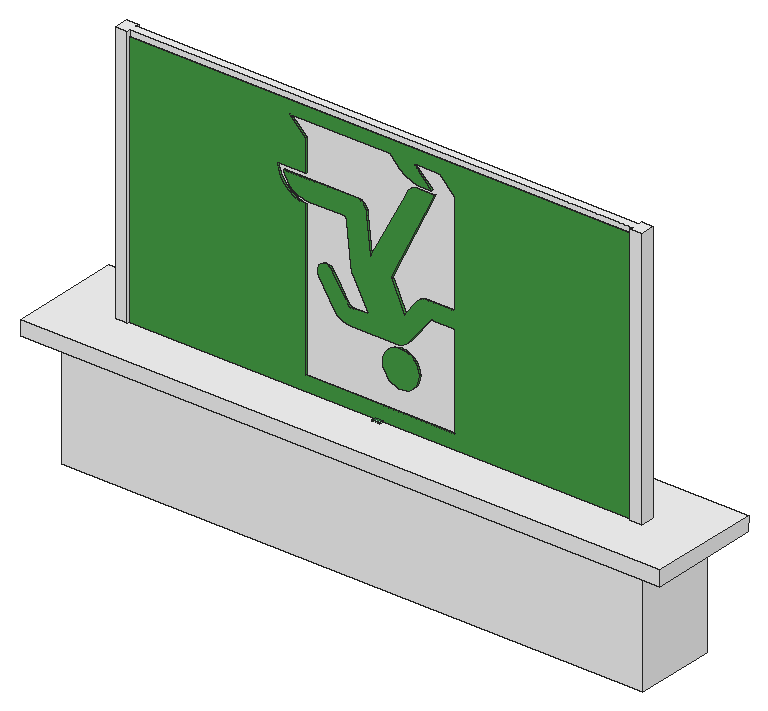
Revit family "Clevertronics_LUBPRO-D2-AUA01211530001", category Lighting Fixtures, host Face, Revit 2021
Family settings
  Host = Face
  Round Connector Dimension = Use Diameter
  Part Type = Normal
  Cut with Voids When Loaded = No
  Light Source = Yes
  Shared = No
  Room Calculation Point = No
Parameters (values of type "Runing Man Double Sided")
  Wattage = 60 W
  built-in parameter 1150110 = 1 (stored number, unit not read)
  built-in parameter 1150109 = 1 (stored number, unit not read)
  built-in parameter 1150134 = 4
  built-in parameter 1150113 = 1 (stored number, unit not read)
  Tilt Angle = -90.00°
  Straight line 'Face two' = yes
  Straight line 'Face one' = yes
  Runing Man common arrow = no
  Photometric Web File = ""
  built-in parameter 1150142 = "IESNA:LM-63-2002\r\n[TEST] Test Report No. LL21009\r\n[TESTLAB] LightLab International \r\n[ISSUEDATE] This file created: Tuesday, 22 May 2018 3:23:16 PM\r\n[MANUFAC] Clevertronics Pty. Ltd.,\r\n[MORE] Moorabbin. VIC 3189.\r\n[LUMCAT] CUBPRO\r\n[LUMINAIRE] Clevertronics LP Ultrablade Pro Rec LED Exit Sign 24m\r\n[MORE] This file also applies to same code with suffixes; -ZW, -HV, -DALI, -DATA\r\n[MORE] for recessed or surface, white or black housings. (Not for theatre)\r\n[MORE] Moulded plastic fascia and body with white finish, extent ~ 383 x 66 x 70 mm deep.\r\n[MORE] Clear diffuser with double sided “Running-Man and Arrow” pictogram forms luminous volume of 315\r\n[MORE] x 9 x 155 mm deep. One Clevertronics CT10602-D2 PCB centred ~ 15 mm above top of L/V.\r\n[MORE] One Clevertronics CUBPRO-CKIT 240VAC 50Hz electronic inverter.\r\n[MORE] Tested at 3.154 Vdc. For full details refer test report LL1812805T.\r\n[OTHER] Absolute test - lamp lumens value set to -1\r\n[MORE] CIE conventions used for C0 plane alignment and C-plane rotation direction.\r\n[MORE] The CUBPRO sample was tested at a distance of 8m.\r\n[MORE] This IES file created by LightLab/LSA Report program version 3.803a.\r\nTILT=NONE\r\n12 -1 1 361 5 1 2 0.315 0.009 0.155\r\n1 1 1.113\r\n0 0.5 1 1.5 2 2.5 3 3.5 4 4.5 5 5.5 6 6.5 7 7.5 8 8.5 9 9.5 10 10.5 11 11.5 12 12.5 13 13.5 14 14.5 15 15.5 16 16.5 17 17.5 18 18.5 19 19.5 20 20.5 21 21.5 22 22.5 23 23.5 24 24.5 25 25.5 26 26.5 27 27.5 28 28.5 29 29.5 30 30.5 31 31.5 32 32.5 33 33.5 34 \r\n34.5 35 35.5 36 36.5 37 37.5 38 38.5 39 39.5 40 40.5 41 41.5 42 42.5 43 43.5 44 44.5 45 45.5 46 46.5 47 47.5 48 48.5 49 49.5 50 50.5 51 51.5 52 52.5 53 53.5 54 54.5 55 55.5 56 56.5 57 57.5 58 58.5 59 59.5 60 60.5 61 61.5 62 62.5 63 63.5 64 64.5 65 65.5 66\r\n 66.5 67 67.5 68 68.5 69 69.5 70 70.5 71 71.5 72 72.5 73 73.5 74 74.5 75 75.5 76 76.5 77 77.5 78 78.5 79 79.5 80 80.5 81 81.5 82 82.5 83 83.5 84 84.5 85 85.5 86 86.5 87 87.5 88 88.5 89 89.5 90 90.5 91 91.5 92 92.5 93 93.5 94 94.5 95 95.5 96 96.5 97 97.5 \r\n98 98.5 99 99.5 100 100.5 101 101.5 102 102.5 103 103.5 104 104.5 105 105.5 106 106.5 107 107.5 108 108.5 109 109.5 110 110.5 111 111.5 112 112.5 113 113.5 114 114.5 115 115.5 116 116.5 117 117.5 118 118.5 119 119.5 120 120.5 121 121.5 122 122.5 123 123.5\r\n 124 124.5 125 125.5 126 126.5 127 127.5 128 128.5 129 129.5 130 130.5 131 131.5 132 132.5 133 133.5 134 134.5 135 135.5 136 136.5 137 137.5 138 138.5 139 139.5 140 140.5 141 141.5 142 142.5 143 143.5 144 144.5 145 145.5 146 146.5 147 147.5 148 148.5 149 \r\n149.5 150 150.5 151 151.5 152 152.5 153 153.5 154 154.5 155 155.5 156 156.5 157 157.5 158 158.5 159 159.5 160 160.5 161 161.5 162 162.5 163 163.5 164 164.5 165 165.5 166 166.5 167 167.5 168 168.5 169 169.5 170 170.5 171 171.5 172 172.5 173 173.5 174 174.5\r\n 175 175.5 176 176.5 177 177.5 178 178.5 179 179.5 180\r\n0 22.5 45 67.5 90\r\n9.78 9.72 9.75 9.76 9.78 9.77 9.86 9.78 9.78 9.80 9.60 9.82 9.81 9.78 9.72 9.83 9.70 9.72 9.62 9.64 9.56 9.68 9.60 9.56 9.55 9.56 9.47 9.47 9.46 9.43 9.37 9.35 9.33 9.27 9.21 9.24 9.19 9.28 9.20 9.10 9.09 9.06 9.04 9.11 8.99 9.02 8.89 8.96 8.87 8.87 8.88 \r\n8.84 8.90 8.84 8.83 8.81 8.76 8.69 8.72 8.69 8.68 8.68 8.61 8.46 8.47 8.41 8.36 8.45 8.32 8.25 8.17 8.12 7.98 7.78 7.92 7.80 7.59 7.50 7.48 7.26 7.31 7.18 7.07 6.90 6.84 6.66 6.56 6.48 6.49 6.34 6.21 6.15 5.95 5.94 5.94 5.90 5.74 5.69 5.55 5.48 5.51 5.38 \r\n5.30 5.28 5.05 5.06 5.09 5.06 4.86 4.86 4.76 4.68 4.67 4.71 4.48 4.44 4.48 4.45 4.22 4.24 4.16 4.16 4.11 4.04 3.99 3.90 3.91 3.89 3.84 3.80 3.82 3.79 3.80 3.70 3.74 3.73 3.66 3.68 3.60 3.64 3.56 3.37 3.45 3.41 3.37 3.40 3.33 3.24 3.31 3.32 3.23 3.17 3.03 \r\n3.13 3.08 3.07 2.97 2.99 2.88 2.84 2.76 2.76 2.74 2.71 2.68 2.71 2.53 2.65 2.65 2.59 2.57 2.50 2.40 2.38 2.47 2.47 2.46 2.41 2.51 2.42 2.43 2.42 2.41 2.32 2.36 2.44 2.41 2.32 2.32 2.34 2.33 2.34 2.34 2.35 2.42 2.27 2.32 2.29 2.34 2.21 2.26 2.29 2.22 2.28 \r\n2.25 2.18 2.15 2.29 2.18 2.16 2.08 2.10 2.11 2.21 2.04 2.13 2.15 2.09 2.08 2.07 1.99 2.05 2.07 1.92 1.97 1.96 1.94 1.95 1.88 1.84 1.95 1.90 1.92 1.86 1.85 1.88 1.78 1.79 1.89 1.77 1.73 1.86 1.70 1.65 1.71 1.71 1.60 1.70 1.59 1.59 1.59 1.57 1.56 1.63 1.65 \r\n1.53 1.53 1.53 1.49 1.46 1.42 1.46 1.43 1.41 1.34 1.31 1.29 1.37 1.36 1.36 1.29 1.23 1.24 1.29 1.12 1.19 1.10 1.11 1.07 1.01 1.09 1.01 1.03 1.07 1.06 0.98 0.93 0.90 0.81 0.76 0.77 0.67 0.71 0.76 0.61 0.52 0.65 0.64 0.61 0.58 0.48 0.45 0.48 0.39 0.37 0.23 \r\n0.19 0.11 0.13 0.13 0.11 0.10 0.00 0.07 0.00 0.07 0.15 0.06 0.01 0.00 0.06 0.04 0.10 0.13 0.02 0.10 0.09 0.11 0.06 0.09 0.08 0.02 0.08 0.00 0.05 0.03 0.08 0.10 0.01 0.03 0.05 0.00 0.00 0.00 0.00 0.00 0.00 0.00 0.00 0.00 0.00 0.00 0.00 0.00 0.00 0.00 0.00 \r\n0.00 0.00 0.00 0.00\r\n9.78 9.81 9.87 9.75 9.84 9.79 9.79 9.87 9.82 9.77 9.88 9.80 9.77 9.75 9.82 9.72 9.75 9.68 9.61 9.71 9.68 9.68 9.68 9.66 9.62 9.66 9.58 9.52 9.46 9.41 9.47 9.41 9.37 9.36 9.29 9.23 9.22 9.21 9.16 9.13 9.09 9.13 9.10 8.98 9.01 9.08 8.91 8.94 8.94 8.92 8.93 \r\n8.85 8.87 8.80 8.83 8.81 8.74 8.75 8.66 8.69 8.65 8.66 8.61 8.60 8.51 8.51 8.46 8.39 8.36 8.30 8.31 8.23 8.13 8.14 8.02 8.02 7.91 7.79 7.62 7.62 7.45 7.39 7.32 7.24 7.17 6.98 6.93 6.82 6.74 6.66 6.51 6.43 6.33 6.26 6.21 6.07 6.00 5.92 5.86 5.70 5.67 5.60 \r\n5.58 5.45 5.36 5.30 5.22 5.18 5.15 5.05 4.93 4.88 4.83 4.75 4.69 4.59 4.60 4.53 4.49 4.38 4.33 4.30 4.28 4.24 4.19 4.12 4.02 4.00 3.93 3.88 3.88 3.84 3.78 3.81 3.76 3.74 3.63 3.64 3.71 3.58 3.65 3.58 3.58 3.52 3.45 3.43 3.43 3.34 3.39 3.27 3.28 3.23 3.13 \r\n3.14 3.06 3.11 3.00 2.98 2.90 2.90 2.89 2.86 2.81 2.75 2.74 2.74 2.68 2.64 2.51 2.56 2.54 2.46 2.50 2.47 2.47 2.43 2.39 2.42 2.41 2.42 2.41 2.43 2.34 2.43 2.43 2.34 2.36 2.34 2.34 2.30 2.38 2.28 2.33 2.33 2.27 2.29 2.26 2.27 2.24 2.20 2.17 2.16 2.24 2.19 \r\n2.15 2.16 2.20 2.13 2.14 2.18 2.18 2.06 2.11 2.05 2.03 1.97 2.06 1.99 2.06 2.09 1.98 1.90 1.93 1.92 1.98 1.96 1.93 1.89 1.93 1.87 1.87 1.90 1.81 1.81 1.79 1.81 1.80 1.81 1.76 1.74 1.73 1.75 1.75 1.62 1.66 1.65 1.65 1.66 1.58 1.63 1.67 1.55 1.53 1.59 1.51 \r\n1.43 1.45 1.46 1.42 1.45 1.39 1.43 1.35 1.45 1.37 1.27 1.23 1.26 1.27 1.24 1.24 1.23 1.16 1.10 1.14 1.05 1.03 0.99 1.01 0.96 0.95 0.96 0.89 0.89 0.88 0.82 0.83 0.72 0.74 0.69 0.67 0.66 0.64 0.65 0.66 0.54 0.56 0.44 0.49 0.42 0.29 0.23 0.16 0.19 0.11 0.06 \r\n0.11 0.07 0.04 0.15 0.05 0.08 0.07 0.11 0.03 0.10 0.06 0.06 0.06 0.07 0.05 0.03 0.06 0.09 0.10 0.02 0.03 0.06 0.04 0.12 0.05 0.06 0.06 0.08 0.04 0.13 0.03 0.05 0.07 0.03 0.06 0.00 0.00 0.00 0.00 0.00 0.00 0.00 0.00 0.00 0.00 0.00 0.00 0.00 0.00 0.00 0.00 \r\n0.00 0.00 0.00 0.00\r\n9.78 9.71 9.76 9.69 9.78 9.77 9.75 9.76 9.86 9.72 9.73 9.73 9.70 9.71 9.72 9.63 9.58 9.68 9.68 9.69 9.58 9.63 9.58 9.57 9.49 9.53 9.50 9.45 9.45 9.43 9.39 9.32 9.34 9.30 9.22 9.24 9.23 9.22 9.19 9.12 9.10 9.06 9.08 8.96 8.96 8.88 8.82 8.83 8.76 8.77 8.71 \r\n8.70 8.63 8.63 8.56 8.47 8.46 8.42 8.39 8.38 8.36 8.34 8.32 8.30 8.26 8.23 8.11 8.14 8.13 8.14 8.03 8.03 7.92 7.96 7.91 7.81 7.84 7.73 7.75 7.66 7.62 7.53 7.51 7.48 7.41 7.30 7.25 7.11 7.15 7.05 6.92 6.90 6.75 6.62 6.52 6.50 6.38 6.29 6.24 6.14 6.06 5.86 \r\n5.80 5.77 5.66 5.57 5.50 5.44 5.31 5.31 5.16 5.12 5.02 4.97 4.85 4.81 4.80 4.68 4.56 4.58 4.49 4.48 4.34 4.29 4.36 4.21 4.14 4.16 3.96 3.98 3.94 3.87 3.72 3.76 3.66 3.67 3.62 3.59 3.50 3.47 3.53 3.41 3.37 3.36 3.26 3.30 3.22 3.21 3.14 3.15 3.12 3.03 2.99 \r\n2.95 2.99 2.94 2.92 2.81 2.74 2.79 2.69 2.70 2.63 2.61 2.53 2.51 2.50 2.52 2.43 2.43 2.41 2.37 2.26 2.27 2.33 2.27 2.21 2.27 2.32 2.20 2.21 2.20 2.17 2.12 2.15 2.14 2.17 2.12 2.06 2.07 2.10 2.12 2.08 2.07 2.00 2.06 2.06 2.04 2.04 1.93 2.02 1.94 1.96 1.95 \r\n1.93 1.98 1.93 1.90 1.96 1.90 1.85 1.86 1.91 1.85 1.80 1.81 1.81 1.81 1.79 1.80 1.79 1.73 1.76 1.71 1.72 1.69 1.71 1.62 1.61 1.66 1.63 1.68 1.60 1.57 1.58 1.48 1.53 1.59 1.52 1.56 1.50 1.47 1.42 1.49 1.45 1.39 1.35 1.36 1.40 1.31 1.27 1.29 1.24 1.20 1.21 \r\n1.23 1.17 1.15 1.13 1.06 1.04 0.99 1.00 1.03 1.01 0.96 0.93 0.90 0.81 0.81 0.81 0.80 0.81 0.73 0.74 0.77 0.70 0.65 0.58 0.57 0.54 0.57 0.47 0.48 0.46 0.40 0.34 0.26 0.29 0.23 0.21 0.17 0.14 0.14 0.07 0.08 0.05 0.03 0.10 0.01 0.08 0.06 0.03 0.07 0.07 0.09 \r\n0.07 0.10 0.04 0.05 0.11 0.02 0.03 0.07 0.03 0.07 0.07 0.10 0.04 0.07 0.08 0.05 0.01 0.05 0.06 0.12 0.04 0.09 0.09 0.03 0.04 0.04 0.06 0.08 0.05 0.04 0.13 0.07 0.07 0.11 0.04 0.00 0.00 0.00 0.00 0.00 0.00 0.00 0.00 0.00 0.00 0.00 0.00 0.00 0.00 0.00 0.00 \r\n0.00 0.00 0.00 0.00\r\n9.78 9.73 9.83 9.74 9.72 9.71 9.73 9.78 9.73 9.71 9.71 9.68 9.68 9.63 9.70 9.66 9.71 9.63 9.64 9.55 9.58 9.59 9.59 9.49 9.53 9.53 9.51 9.45 9.49 9.44 9.40 9.40 9.33 9.38 9.31 9.25 9.26 9.20 9.21 9.14 9.21 9.12 9.13 9.00 8.99 9.03 8.93 8.87 8.83 8.77 8.80 \r\n8.72 8.71 8.68 8.64 8.55 8.47 8.49 8.40 8.38 8.25 8.24 8.18 8.17 8.07 8.05 8.02 7.94 7.90 7.84 7.78 7.73 7.65 7.55 7.59 7.45 7.43 7.29 7.31 7.24 7.20 7.17 7.06 7.06 6.96 6.85 6.75 6.76 6.70 6.64 6.60 6.54 6.47 6.46 6.48 6.35 6.30 6.24 6.21 6.18 6.09 5.94 \r\n5.92 5.90 5.81 5.66 5.73 5.59 5.55 5.49 5.46 5.32 5.28 5.20 5.09 4.98 4.89 4.86 4.79 4.68 4.49 4.44 4.37 4.28 4.19 4.22 4.08 3.97 3.96 3.85 3.77 3.73 3.75 3.60 3.56 3.47 3.43 3.32 3.29 3.27 3.20 3.07 3.02 2.96 2.89 2.90 2.77 2.70 2.71 2.62 2.60 2.63 2.52 \r\n2.52 2.41 2.47 2.41 2.34 2.28 2.26 2.27 2.26 2.21 2.12 2.15 2.09 2.05 2.01 2.08 1.94 1.96 1.87 1.86 1.86 1.94 1.85 1.83 1.74 1.84 1.83 1.72 1.79 1.74 1.82 1.69 1.69 1.71 1.70 1.69 1.72 1.70 1.53 1.67 1.66 1.63 1.65 1.51 1.61 1.58 1.60 1.51 1.54 1.54 1.49 \r\n1.46 1.44 1.42 1.38 1.47 1.37 1.45 1.39 1.38 1.39 1.33 1.38 1.33 1.27 1.22 1.25 1.30 1.23 1.19 1.26 1.14 1.08 1.09 1.07 1.11 1.06 1.11 1.01 0.96 1.01 0.99 0.97 0.91 0.88 0.90 0.86 0.90 0.85 0.79 0.74 0.69 0.77 0.71 0.69 0.71 0.65 0.62 0.63 0.59 0.49 0.49 \r\n0.46 0.49 0.49 0.52 0.40 0.42 0.38 0.33 0.40 0.34 0.24 0.26 0.22 0.21 0.21 0.21 0.22 0.20 0.18 0.19 0.20 0.19 0.11 0.18 0.12 0.14 0.14 0.17 0.08 0.12 0.19 0.14 0.13 0.18 0.16 0.06 0.09 0.15 0.11 0.10 0.13 0.11 0.18 0.10 0.08 0.15 0.14 0.18 0.10 0.17 0.13 \r\n0.10 0.07 0.08 0.12 0.15 0.12 0.05 0.17 0.09 0.22 0.15 0.07 0.13 0.11 0.12 0.16 0.08 0.05 0.06 0.10 0.11 0.13 0.09 0.09 0.08 0.07 0.01 0.06 0.03 0.03 0.06 0.10 0.05 0.07 0.00 0.00 0.00 0.00 0.00 0.00 0.00 0.00 0.00 0.00 0.00 0.00 0.00 0.00 0.00 0.00 0.00 \r\n0.00 0.00 0.00 0.00\r\n9.78 9.67 9.72 9.78 9.77 9.73 9.68 9.70 9.67 9.68 9.63 9.73 9.52 9.73 9.66 9.71 9.54 9.52 9.50 9.52 9.57 9.61 9.52 9.48 9.41 9.46 9.42 9.39 9.35 9.38 9.33 9.38 9.30 9.36 9.35 9.16 9.12 9.15 9.08 9.04 9.02 9.01 8.91 8.98 8.95 8.93 8.77 8.81 8.69 8.76 8.68 \r\n8.73 8.65 8.65 8.60 8.38 8.53 8.39 8.32 8.28 8.27 8.22 8.21 8.10 7.93 7.99 7.84 7.87 7.79 7.67 7.64 7.57 7.58 7.52 7.44 7.31 7.27 7.24 7.16 7.11 7.02 6.91 6.89 6.77 6.79 6.72 6.61 6.55 6.53 6.40 6.26 6.26 6.23 6.08 6.05 5.96 5.87 5.80 5.74 5.70 5.62 5.54 \r\n5.46 5.40 5.35 5.27 5.15 5.02 5.02 4.93 4.95 4.80 4.66 4.66 4.58 4.49 4.41 4.34 4.34 4.12 4.11 4.01 3.96 3.86 3.89 3.81 3.72 3.70 3.60 3.50 3.42 3.27 3.16 3.21 3.12 3.11 2.95 2.81 2.88 2.81 2.71 2.69 2.60 2.46 2.49 2.39 2.39 2.32 2.25 2.11 2.10 2.03 1.99 \r\n1.92 1.84 1.86 1.71 1.75 1.70 1.64 1.55 1.58 1.56 1.46 1.32 1.34 1.36 1.27 1.31 1.37 1.24 1.15 1.22 1.21 1.20 1.09 1.13 1.22 1.12 1.13 1.05 1.12 1.10 1.03 1.02 0.99 1.12 1.13 1.04 1.05 1.03 1.06 1.08 1.03 1.07 0.98 0.94 1.02 0.96 0.93 0.90 1.04 0.98 0.91 \r\n0.97 0.92 1.06 0.88 0.92 0.91 0.94 0.97 0.93 0.95 0.96 0.86 1.01 0.86 0.91 0.94 0.92 0.89 0.91 0.83 0.88 0.86 0.83 0.92 0.88 0.80 0.79 0.79 0.84 0.80 0.86 0.70 0.77 0.81 0.74 0.92 0.76 0.72 0.75 0.72 0.80 0.75 0.74 0.71 0.78 0.77 0.82 0.65 0.74 0.71 0.69 \r\n0.71 0.58 0.74 0.69 0.75 0.57 0.70 0.62 0.63 0.59 0.53 0.62 0.60 0.67 0.62 0.63 0.62 0.61 0.52 0.53 0.55 0.58 0.53 0.57 0.55 0.46 0.54 0.50 0.55 0.44 0.48 0.43 0.52 0.35 0.46 0.42 0.43 0.54 0.39 0.43 0.36 0.38 0.37 0.36 0.37 0.34 0.34 0.27 0.26 0.26 0.36 \r\n0.28 0.22 0.21 0.23 0.18 0.17 0.19 0.18 0.24 0.21 0.23 0.14 0.17 0.11 0.19 0.06 0.16 0.10 0.12 0.05 0.09 0.08 0.13 0.15 0.09 0.04 0.06 0.01 0.11 0.07 0.20 0.00 0.09 0.02 0.02 0.00 0.00 0.00 0.00 0.00 0.00 0.00 0.00 0.00 0.00 0.00 0.00 0.00 0.00 0.00 0.00 \r\n0.00 0.00 0.00 0.00\r\n"
  Model = "LUBPRO-D2"  # constant formula
  Manufacturer = "Clevertronics"  # constant formula
  Description = "L10 Lithium Nanophosphate Ultrablade Pro Blade Exit, DALI-2"  # constant formula
  CreatedBy = ""
  Clevertronics_Width Base = 48 mm
  Clevertronics_Width = 8.7 mm
  Clevertronics_Weight = "1.1kg"  # constant formula
  Clevertronics_Viewing Distance = "24M"  # constant formula
  Clevertronics_Total Lumen Output = ""
  Clevertronics_Testing System = "DALI-2"  # constant formula
  Clevertronics_Testing Node = "8003062"  # constant formula
  Clevertronics_Replacement Lamp = "8002178"  # constant formula
  Clevertronics_Replacement Driver = "AUM01270570001"  # constant formula
  Clevertronics_Replacement Battery = "1530050"  # constant formula
  Clevertronics_Product Description = "L10 Lithium Nanophosphate Ultrablade Pro Blade Exit, DALI-2"  # constant formula
  Clevertronics_Power Consumption = "4.2 Watts (Standby), 3.8 Watts (Max)"  # constant formula
  Clevertronics_Other Modules = ""
  Clevertronics_Operating Voltage = "240V AC; 50Hz"  # constant formula
  Clevertronics_Operating Temperature = "1˚C to 40˚C\r"  # constant formula
  Clevertronics_Operating Mode = "Maintained"  # constant formula
  Clevertronics_Mounting = "Recessed ceiling\r"  # constant formula
  Clevertronics_Material = Clevertronics_Plastic
  Lumens = 855 lm
  built-in parameter 1114217 = 1 (stored number, unit not read)
  built-in parameter 1150115 = 1 (stored number, unit not read)
  built-in parameter 1150105 = 68.039 (stored number, unit not read)
  built-in parameter 1150137 = 1
  built-in parameter 1150139 = (empty or 0)
  built-in parameter 1150112 = 1 (stored number, unit not read)
  built-in parameter 1150114 = 1 (stored number, unit not read)
  Lamp = "12 x Duris E3 LED, 100,000 hours"  # constant formula
  built-in parameter 1150132 = (empty or 0)
  built-in parameter 1150102 = (empty or 0)
  built-in parameter 1150138 = (empty or 0)
  built-in parameter 1150107 = 2800 (stored number, unit not read)
  Indication Right 'Face one' = no
  Indication Right 'Face Two' = no
  Indication Left 'Face one' = no
  Indication Left 'Face Two' = no
  built-in parameter 1150106 = 0.68039 (stored number, unit not read)
  built-in parameter 1150104 = 1.3239 (stored number, unit not read)
  Dimming Lamp Color Temperature Shift = <None>
  Default Elevation = 1200 mm
  Color Filter = 16777215
  Clevertronics_Stacked Symbol Position [instance] = 1
  Clevertronics_MIC Number = "AUA01211530001"  # constant formula
  Clevertronics_Length Base = 385 mm  # constant formula
  Clevertronics_Length = 317 mm
  Clevertronics_Inverter / Charger = ""
  Clevertronics_IP Rating = "IP20\r"  # constant formula
  Clevertronics_IK Rating = ""
  Clevertronics_Height Base = 67 mm
  Clevertronics_Height = 157 mm
  Clevertronics_Dimensions Main Enclosure = "385mm x 67mm x 80mm (Cover Plate)"  # constant formula
  Clevertronics_Dimensions LED Enclosure = "317mm x 157mm x 8.7mm (Blade Assembly)"  # constant formula
  Clevertronics_Construction = "PC/ABS Body with PC Diffuser\r"  # constant formula
  Clevertronics_Charger Method = "Intelligent current limited constant voltage"  # constant formula
  Clevertronics_Battery Type = "Lithium Nanophosphate"  # constant formula
  Clevertronics_Battery = " 3.3V 2500mAh"  # constant formula
  Clevertronics_Annotation Vertical Offset [instance] = 0 mm
  Clevertronics_Annotation Size = 0 mm
  Clevertronics_Annotation Horizontal Offset [instance] = 0 mm
  Clevertronics_AS2293 Classification = "C0=E6.3 C90=E6.3\r"  # constant formula
  built-in parameter 1140040 [instance] = 1
  built-in parameter 1114218 = 1 (stored number, unit not read)
  built-in parameter 1150133 = 10 (stored number, unit not read)
  Assembly Code = ""
  Apparent Load = 3.7 VA
Reference planes
  plane 1 "Center (Front/Back)": y = 0
  plane 2: z = 0
  plane 3 "Center (Left/Right)": x = 0
Forms (mm)
  Extrusion 1, solid, material "Clevertronics_Plastic"
    sketch origin (0, 0.375, -141.1) x (0, -1, 0) y (1, 0, 0)
      loop
        line (-24, 175) -> (-24, -175) -> (24, -175) -> (24, 175) -> (-24, 175)
    from 74.1 to 141.1
  Extrusion 2, solid, material "Clevertronics_Plastic"
    sketch origin (0, 0.375, -67.9) x (0, -1, 0) y (1, 0, 0)
      loop
        line (-33.5, 192.5) -> (-33.5, -192.5) -> (33.5, -192.5) -> (33.5, 192.5) -> (-33.5, 192.5)
    from 67.9 to 76.6
  Extrusion 3, solid, material "Clevertronics_Plastic"
    sketch origin (0, 0.375, 96.2) x (0, -1, 0) y (1, 0, 0)
      loop
        line (-2.5, 151.5) -> (-2.5, -151.5) -> (-4.25, -151.5) -> (-4.25, -158.5) -> (4.25, -158.5) -> (4.25, -151.5) -> (2.5, -151.5) -> (2.5, 151.5) -> (4.35, 151.5) -> (4.35, 158.5) -> (-4.35, 158.5) -> (-4.35, 151.5) -> (-2.5, 151.5)
    from -90 to 69.5
  Extrusion 4, solid, material "Green Plastic", visible <- "Straight line 'Face two'"
    sketch origin (151.5, 2.875, 96.2) x (-1, 0, 0) y (0, 0, 1)
      loop
        line (305.25, 66.5) -> (-2.25, 66.5) -> (-2.25, -87.25) -> (305.25, -87.25) -> (305.25, 66.5)
      loop
        line (106.162, 49.302) -> (106.126, -12.443) -> (125.231, -12.443)
        arc (125.231, -12.443) -> (127.412, -13.982) -> (129.245, -15.923) r 13.397
        line (129.245, -15.923) -> (136.235, -24.987) -> (144.196, -7.515) -> (118.356, 45.427) -> (130.038, 45.427)
        arc (130.038, 45.427) -> (133.388, 43.57) -> (135.586, 40.434) r 8.525
        line (135.586, 40.434) -> (156.779, -0.433) -> (159.175, 20.553) -> (159.634, 22.717)
        arc (159.634, 22.717) -> (161.615, 26.131) -> (165.234, 27.707) r 6.331
        line (165.234, 27.707) -> (209.235, 27.707)
        arc (209.235, 27.707) -> (204.572, 19.164) -> (195.453, 15.762) r 13.923
        line (195.453, 15.762) -> (173.244, 15.762)
        arc (173.244, 15.762) -> (171.893, 14.517) -> (171.29, 12.782) r 3.773
        line (171.29, 12.782) -> (169.273, -9.93)
        arc (169.273, -9.93) -> (168.22, -13.23) -> (166.796, -16.387) r 30.217
        line (166.796, -16.387) -> (158.343, -32.585) -> (168.884, -32.585)
        arc (168.884, -32.585) -> (170.187, -31.97) -> (171.159, -30.907) r 3.731
        line (171.159, -30.907) -> (179.629, -16.985)
        arc (179.629, -16.985) -> (186.643, -15.277) -> (188.35, -22.29) r 5.104
        line (188.35, -22.29) -> (178.708, -38.137)
        arc (178.708, -38.137) -> (175.047, -41.333) -> (170.325, -42.485) r 10.257
        line (170.325, -42.485) -> (141.141, -42.485)
        arc (141.141, -42.485) -> (136.537, -41.213) -> (132.86, -38.164) r 11.376
        line (132.86, -38.164) -> (120.341, -22.256) -> (106.126, -22.256) -> (106.126, -78.657) -> (196.149, -78.657) -> (196.149, 13.501)
        arc (196.149, 13.501) -> (207.64, 18.891) -> (213.348, 30.228) r 19.42
        line (213.348, 30.228) -> (196.149, 30.228) -> (196.149, 49.593) -> (205.646, 58.818) -> (145.527, 58.818) -> (139.316, 52.627)
        arc (139.316, 52.627) -> (134.813, 49.336) -> (129.528, 47.551) r 18.338
        line (129.528, 47.551) -> (120.026, 47.551) -> (131.328, 58.517) -> (115.409, 58.517) -> (106.162, 49.302)
      loop
        circle (138.734, -55.32) r 11.018
    from 0 to 0.767
  Extrusion 5, solid, material "Green Plastic", visible <- "Straight line 'Face one'"
    sketch origin (-151.5, -2.125, 96.2) x (1, 0, 0) y (0, 0, 1)
      loop
        line (-2.25, 66.5) -> (-2.25, -87.5) -> (305.25, -87.5) -> (305.25, 66.5) -> (-2.25, 66.5)
      loop
        line (196.838, 49.302) -> (187.591, 58.517) -> (171.672, 58.517) -> (182.974, 47.551) -> (173.472, 47.551)
        arc (173.472, 47.551) -> (168.187, 49.336) -> (163.684, 52.627) r 18.338
        line (163.684, 52.627) -> (157.473, 58.818) -> (97.354, 58.818) -> (106.851, 49.593) -> (106.851, 30.228) -> (89.652, 30.228)
        arc (89.652, 30.228) -> (95.36, 18.891) -> (106.851, 13.501) r 19.42
        line (106.851, 13.501) -> (106.851, -78.657) -> (196.874, -78.657) -> (196.874, -22.256) -> (182.659, -22.256) -> (170.14, -38.164)
        arc (170.14, -38.164) -> (166.463, -41.213) -> (161.859, -42.485) r 11.376
        line (161.859, -42.485) -> (132.675, -42.485)
        arc (132.675, -42.485) -> (127.953, -41.333) -> (124.292, -38.137) r 10.257
        line (124.292, -38.137) -> (114.65, -22.29)
        arc (114.65, -22.29) -> (116.357, -15.277) -> (123.371, -16.985) r 5.104
        line (123.371, -16.985) -> (131.841, -30.907)
        arc (131.841, -30.907) -> (132.813, -31.97) -> (134.116, -32.585) r 3.731
        line (134.116, -32.585) -> (144.657, -32.585) -> (136.204, -16.387)
        arc (136.204, -16.387) -> (134.78, -13.23) -> (133.727, -9.93) r 30.217
        line (133.727, -9.93) -> (131.71, 12.782)
        arc (131.71, 12.782) -> (131.107, 14.517) -> (129.756, 15.762) r 3.773
        line (129.756, 15.762) -> (107.547, 15.762)
        arc (107.547, 15.762) -> (98.428, 19.164) -> (93.765, 27.707) r 13.923
        line (93.765, 27.707) -> (137.766, 27.707)
        arc (137.766, 27.707) -> (141.385, 26.131) -> (143.366, 22.717) r 6.331
        line (143.366, 22.717) -> (143.825, 20.553) -> (146.221, -0.433) -> (167.414, 40.434)
        arc (167.414, 40.434) -> (169.612, 43.57) -> (172.962, 45.427) r 8.525
        line (172.962, 45.427) -> (184.644, 45.427) -> (158.804, -7.515) -> (166.765, -24.987) -> (173.755, -15.923)
        arc (173.755, -15.923) -> (175.588, -13.982) -> (177.769, -12.443) r 13.397
        line (177.769, -12.443) -> (196.874, -12.443) -> (196.838, 49.302)
      loop
        circle (164.266, -55.32) r 11.018
    from 0 to 0.767
  Extrusion 6, solid, material "Green Plastic", visible <- "Indication Left 'Face one'"
    sketch origin (-151.5, -2.125, 96.2) x (1, 0, 0) y (0, 0, 1)
      loop
        line (-3.5, 66.5) -> (-3.5, -87.5) -> (304, -87.5) -> (304, 66.5) -> (-3.5, 66.5)
      loop
        line (130.588, 49.302) -> (121.341, 58.517) -> (105.422, 58.517) -> (116.724, 47.551) -> (107.222, 47.551)
        arc (107.222, 47.551) -> (101.937, 49.336) -> (97.434, 52.627) r 18.338
        line (97.434, 52.627) -> (91.223, 58.818) -> (31.104, 58.818) -> (40.601, 49.593) -> (40.601, 30.228) -> (23.402, 30.228)
        arc (23.402, 30.228) -> (29.11, 18.891) -> (40.601, 13.501) r 19.42
        line (40.601, 13.501) -> (40.601, -78.657) -> (130.624, -78.657) -> (130.624, -22.256) -> (116.409, -22.256) -> (103.89, -38.164)
        arc (103.89, -38.164) -> (100.213, -41.213) -> (95.609, -42.485) r 11.376
        line (95.609, -42.485) -> (66.425, -42.485)
        arc (66.425, -42.485) -> (61.703, -41.333) -> (58.042, -38.137) r 10.257
        line (58.042, -38.137) -> (48.4, -22.29)
        arc (48.4, -22.29) -> (50.107, -15.277) -> (57.121, -16.985) r 5.104
        line (57.121, -16.985) -> (65.591, -30.907)
        arc (65.591, -30.907) -> (66.563, -31.97) -> (67.866, -32.585) r 3.731
        line (67.866, -32.585) -> (78.407, -32.585) -> (69.954, -16.387)
        arc (69.954, -16.387) -> (68.53, -13.23) -> (67.477, -9.93) r 30.217
        line (67.477, -9.93) -> (65.46, 12.782)
        arc (65.46, 12.782) -> (64.857, 14.517) -> (63.506, 15.762) r 3.773
        line (63.506, 15.762) -> (41.297, 15.762)
        arc (41.297, 15.762) -> (32.178, 19.164) -> (27.515, 27.707) r 13.923
        line (27.515, 27.707) -> (71.516, 27.707)
        arc (71.516, 27.707) -> (75.135, 26.131) -> (77.116, 22.717) r 6.331
        line (77.116, 22.717) -> (77.575, 20.553) -> (79.971, -0.433) -> (101.164, 40.434)
        arc (101.164, 40.434) -> (103.362, 43.57) -> (106.712, 45.427) r 8.525
        line (106.712, 45.427) -> (118.394, 45.427) -> (92.554, -7.515) -> (100.515, -24.987) -> (107.505, -15.923)
        arc (107.505, -15.923) -> (109.338, -13.982) -> (111.519, -12.443) r 13.397
        line (111.519, -12.443) -> (130.624, -12.443) -> (130.588, 49.302)
      loop
        circle (98.016, -55.32) r 11.018
      loop
        line (168.473, -15) -> (168.473, -27.5) -> (234.339, -27.5) -> (210.188, -55.283) -> (237.688, -55.283) -> (272.706, -15) -> (237.688, 25.283) -> (210.188, 25.283) -> (234.339, -2.5) -> (168.473, -2.5) -> (168.473, -15)
    from 0 to 0.767
  Extrusion 7, solid, material "Green Plastic", visible <- "Indication Right 'Face one'"
    sketch origin (-151.5, -2.125, 96.2) x (1, 0, 0) y (0, 0, 1)
      loop
        line (305.25, 66.5) -> (-2.25, 66.5) -> (-2.25, -87.5) -> (305.25, -87.5) -> (305.25, 66.5)
      loop
        line (171.162, 49.302) -> (171.126, -12.443) -> (190.231, -12.443)
        arc (190.231, -12.443) -> (192.412, -13.982) -> (194.245, -15.923) r 13.397
        line (194.245, -15.923) -> (201.235, -24.987) -> (209.196, -7.515) -> (183.356, 45.427) -> (195.038, 45.427)
        arc (195.038, 45.427) -> (198.388, 43.57) -> (200.586, 40.434) r 8.525
        line (200.586, 40.434) -> (221.779, -0.433) -> (224.175, 20.553) -> (224.634, 22.717)
        arc (224.634, 22.717) -> (226.615, 26.131) -> (230.234, 27.707) r 6.331
        line (230.234, 27.707) -> (274.235, 27.707)
        arc (274.235, 27.707) -> (269.572, 19.164) -> (260.453, 15.762) r 13.923
        line (260.453, 15.762) -> (238.244, 15.762)
        arc (238.244, 15.762) -> (236.893, 14.517) -> (236.29, 12.782) r 3.773
        line (236.29, 12.782) -> (234.273, -9.93)
        arc (234.273, -9.93) -> (233.22, -13.23) -> (231.796, -16.387) r 30.217
        line (231.796, -16.387) -> (223.343, -32.585) -> (233.884, -32.585)
        arc (233.884, -32.585) -> (235.187, -31.97) -> (236.159, -30.907) r 3.731
        line (236.159, -30.907) -> (244.629, -16.985)
        arc (244.629, -16.985) -> (251.643, -15.277) -> (253.35, -22.29) r 5.104
        line (253.35, -22.29) -> (243.708, -38.137)
        arc (243.708, -38.137) -> (240.047, -41.333) -> (235.325, -42.485) r 10.257
        line (235.325, -42.485) -> (206.141, -42.485)
        arc (206.141, -42.485) -> (201.537, -41.213) -> (197.86, -38.164) r 11.376
        line (197.86, -38.164) -> (185.341, -22.256) -> (171.126, -22.256) -> (171.126, -78.657) -> (261.149, -78.657) -> (261.149, 13.501)
        arc (261.149, 13.501) -> (272.64, 18.891) -> (278.348, 30.228) r 19.42
        line (278.348, 30.228) -> (261.149, 30.228) -> (261.149, 49.593) -> (270.646, 58.818) -> (210.527, 58.818) -> (204.316, 52.627)
        arc (204.316, 52.627) -> (199.813, 49.336) -> (194.528, 47.551) r 18.338
        line (194.528, 47.551) -> (185.026, 47.551) -> (196.328, 58.517) -> (180.409, 58.517) -> (171.162, 49.302)
      loop
        circle (203.734, -55.32) r 11.018
      loop
        line (133.277, -15) -> (133.277, -2.5) -> (67.411, -2.5) -> (91.562, 25.283) -> (64.062, 25.283) -> (29.044, -15) -> (64.062, -55.283) -> (91.562, -55.283) -> (67.411, -27.5) -> (133.277, -27.5) -> (133.277, -15)
    from 0 to 0.767
  Extrusion 8, solid, material "Clevertronics_Plastic", not visible, detail levels fine
    sketch origin (0, 0.375, 1536.329) x (-1, 0, 0) y (0, -1, 0)
      loop
        line (175, -24) -> (175, 24) -> (-175, 24) -> (-175, -24) -> (175, -24)
    from 74.1 to 139.1
  Extrusion 9, solid, material "Clevertronics_Plastic", not visible, detail levels fine
    sketch origin (0, 0.375, 1533.829) x (-1, 0, 0) y (0, -1, 0)
      loop
        line (192.5, -33.5) -> (192.5, 33.5) -> (-192.5, 33.5) -> (-192.5, -33.5) -> (192.5, -33.5)
    from 67.9 to 76.6
  Extrusion 10, solid, material "Clevertronics_Plastic", not visible, detail levels fine
    sketch origin (0, 0.375, 1534.729) x (-1, 0, 0) y (0, -1, 0)
      loop
        line (151.5, -2.5) -> (151.5, -4.35) -> (158.5, -4.35) -> (158.5, 4.35) -> (151.5, 4.35) -> (151.5, 2.5) -> (-151.5, 2.5) -> (-151.5, 4.25) -> (-158.5, 4.25) -> (-158.5, -4.25) -> (-151.5, -4.25) -> (-151.5, -2.5) -> (151.5, -2.5)
    from -90 to 69.5
  Extrusion 11, solid, material "Green Plastic", visible <- "Straight line 'Face two'", not visible, detail levels fine
    sketch origin (-151.5, 2.875, 1534.729) x (1, 0, 0) y (0, 0, -1)
      loop
        line (305.25, 81.5) -> (-2.25, 81.5) -> (-2.25, -78.5) -> (305.25, -78.5) -> (305.25, 81.5)
      loop
        line (106.162, 64.302) -> (106.126, 2.557) -> (125.231, 2.557)
        arc (125.231, 2.557) -> (127.412, 1.018) -> (129.245, -0.923) r 13.397
        line (129.245, -0.923) -> (136.235, -9.987) -> (144.196, 7.485) -> (118.356, 60.427) -> (130.038, 60.427)
        arc (130.038, 60.427) -> (133.388, 58.57) -> (135.586, 55.434) r 8.525
        line (135.586, 55.434) -> (156.779, 14.567) -> (159.175, 35.553) -> (159.634, 37.717)
        arc (159.634, 37.717) -> (161.615, 41.131) -> (165.234, 42.707) r 6.331
        line (165.234, 42.707) -> (209.235, 42.707)
        arc (209.235, 42.707) -> (204.572, 34.164) -> (195.453, 30.762) r 13.923
        line (195.453, 30.762) -> (173.244, 30.762)
        arc (173.244, 30.762) -> (171.893, 29.517) -> (171.29, 27.782) r 3.773
        line (171.29, 27.782) -> (169.273, 5.07)
        arc (169.273, 5.07) -> (168.22, 1.77) -> (166.796, -1.387) r 30.217
        line (166.796, -1.387) -> (158.343, -17.585) -> (168.884, -17.585)
        arc (168.884, -17.585) -> (170.187, -16.97) -> (171.159, -15.907) r 3.731
        line (171.159, -15.907) -> (179.629, -1.985)
        arc (179.629, -1.985) -> (186.643, -0.277) -> (188.35, -7.29) r 5.104
        line (188.35, -7.29) -> (178.708, -23.137)
        arc (178.708, -23.137) -> (175.047, -26.333) -> (170.325, -27.485) r 10.257
        line (170.325, -27.485) -> (141.141, -27.485)
        arc (141.141, -27.485) -> (136.537, -26.213) -> (132.86, -23.164) r 11.376
        line (132.86, -23.164) -> (120.341, -7.256) -> (106.126, -7.256) -> (106.126, -63.657) -> (196.149, -63.657) -> (196.149, 28.501)
        arc (196.149, 28.501) -> (207.64, 33.891) -> (213.348, 45.228) r 19.42
        line (213.348, 45.228) -> (196.149, 45.228) -> (196.149, 64.593) -> (205.646, 73.818) -> (145.527, 73.818) -> (139.316, 67.627)
        arc (139.316, 67.627) -> (134.813, 64.336) -> (129.528, 62.551) r 18.338
        line (129.528, 62.551) -> (120.026, 62.551) -> (131.328, 73.517) -> (115.409, 73.517) -> (106.162, 64.302)
      loop
        circle (138.734, -40.32) r 11.018
    from 0 to 0.767
  Extrusion 12, solid, material "Green Plastic", visible <- "Straight line 'Face one'", not visible, detail levels fine
    sketch origin (151.5, -2.125, 1534.729) x (-1, 0, 0) y (0, 0, -1)
      loop
        line (-2.25, 81.5) -> (-2.25, -78.5) -> (305.25, -78.5) -> (305.25, 81.5) -> (-2.25, 81.5)
      loop
        line (196.838, 64.302) -> (187.591, 73.517) -> (171.672, 73.517) -> (182.974, 62.551) -> (173.472, 62.551)
        arc (173.472, 62.551) -> (168.187, 64.336) -> (163.684, 67.627) r 18.338
        line (163.684, 67.627) -> (157.473, 73.818) -> (97.354, 73.818) -> (106.851, 64.593) -> (106.851, 45.228) -> (89.652, 45.228)
        arc (89.652, 45.228) -> (95.36, 33.891) -> (106.851, 28.501) r 19.42
        line (106.851, 28.501) -> (106.851, -63.657) -> (196.874, -63.657) -> (196.874, -7.256) -> (182.659, -7.256) -> (170.14, -23.164)
        arc (170.14, -23.164) -> (166.463, -26.213) -> (161.859, -27.485) r 11.376
        line (161.859, -27.485) -> (132.675, -27.485)
        arc (132.675, -27.485) -> (127.953, -26.333) -> (124.292, -23.137) r 10.257
        line (124.292, -23.137) -> (114.65, -7.29)
        arc (114.65, -7.29) -> (116.357, -0.277) -> (123.371, -1.985) r 5.104
        line (123.371, -1.985) -> (131.841, -15.907)
        arc (131.841, -15.907) -> (132.813, -16.97) -> (134.116, -17.585) r 3.731
        line (134.116, -17.585) -> (144.657, -17.585) -> (136.204, -1.387)
        arc (136.204, -1.387) -> (134.78, 1.77) -> (133.727, 5.07) r 30.217
        line (133.727, 5.07) -> (131.71, 27.782)
        arc (131.71, 27.782) -> (131.107, 29.517) -> (129.756, 30.762) r 3.773
        line (129.756, 30.762) -> (107.547, 30.762)
        arc (107.547, 30.762) -> (98.428, 34.164) -> (93.765, 42.707) r 13.923
        line (93.765, 42.707) -> (137.766, 42.707)
        arc (137.766, 42.707) -> (141.385, 41.131) -> (143.366, 37.717) r 6.331
        line (143.366, 37.717) -> (143.825, 35.553) -> (146.221, 14.567) -> (167.414, 55.434)
        arc (167.414, 55.434) -> (169.612, 58.57) -> (172.962, 60.427) r 8.525
        line (172.962, 60.427) -> (184.644, 60.427) -> (158.804, 7.485) -> (166.765, -9.987) -> (173.755, -0.923)
        arc (173.755, -0.923) -> (175.588, 1.018) -> (177.769, 2.557) r 13.397
        line (177.769, 2.557) -> (196.874, 2.557) -> (196.838, 64.302)
      loop
        circle (164.266, -40.32) r 11.018
    from 0 to 0.767
  Extrusion 13, solid, material "Green Plastic", visible <- "Indication Left 'Face one'", not visible, detail levels fine
    sketch origin (151.5, -2.125, 1534.729) x (-1, 0, 0) y (0, 0, -1)
      loop
        line (-3.5, 81.5) -> (-3.5, -78.5) -> (304, -78.5) -> (304, 81.5) -> (-3.5, 81.5)
      loop
        line (130.588, 64.302) -> (121.341, 73.517) -> (105.422, 73.517) -> (116.724, 62.551) -> (107.222, 62.551)
        arc (107.222, 62.551) -> (101.937, 64.336) -> (97.434, 67.627) r 18.338
        line (97.434, 67.627) -> (91.223, 73.818) -> (31.104, 73.818) -> (40.601, 64.593) -> (40.601, 45.228) -> (23.402, 45.228)
        arc (23.402, 45.228) -> (29.11, 33.891) -> (40.601, 28.501) r 19.42
        line (40.601, 28.501) -> (40.601, -63.657) -> (130.624, -63.657) -> (130.624, -7.256) -> (116.409, -7.256) -> (103.89, -23.164)
        arc (103.89, -23.164) -> (100.213, -26.213) -> (95.609, -27.485) r 11.376
        line (95.609, -27.485) -> (66.425, -27.485)
        arc (66.425, -27.485) -> (61.703, -26.333) -> (58.042, -23.137) r 10.257
        line (58.042, -23.137) -> (48.4, -7.29)
        arc (48.4, -7.29) -> (50.107, -0.277) -> (57.121, -1.985) r 5.104
        line (57.121, -1.985) -> (65.591, -15.907)
        arc (65.591, -15.907) -> (66.563, -16.97) -> (67.866, -17.585) r 3.731
        line (67.866, -17.585) -> (78.407, -17.585) -> (69.954, -1.387)
        arc (69.954, -1.387) -> (68.53, 1.77) -> (67.477, 5.07) r 30.217
        line (67.477, 5.07) -> (65.46, 27.782)
        arc (65.46, 27.782) -> (64.857, 29.517) -> (63.506, 30.762) r 3.773
        line (63.506, 30.762) -> (41.297, 30.762)
        arc (41.297, 30.762) -> (32.178, 34.164) -> (27.515, 42.707) r 13.923
        line (27.515, 42.707) -> (71.516, 42.707)
        arc (71.516, 42.707) -> (75.135, 41.131) -> (77.116, 37.717) r 6.331
        line (77.116, 37.717) -> (77.575, 35.553) -> (79.971, 14.567) -> (101.164, 55.434)
        arc (101.164, 55.434) -> (103.362, 58.57) -> (106.712, 60.427) r 8.525
        line (106.712, 60.427) -> (118.394, 60.427) -> (92.554, 7.485) -> (100.515, -9.987) -> (107.505, -0.923)
        arc (107.505, -0.923) -> (109.338, 1.018) -> (111.519, 2.557) r 13.397
        line (111.519, 2.557) -> (130.624, 2.557) -> (130.588, 64.302)
      loop
        circle (98.016, -40.32) r 11.018
      loop
        line (168.473, 0) -> (168.473, -12.5) -> (234.339, -12.5) -> (210.188, -40.283) -> (237.688, -40.283) -> (272.706, 0) -> (237.688, 40.283) -> (210.188, 40.283) -> (234.339, 12.5) -> (168.473, 12.5) -> (168.473, 0)
    from 0 to 0.767
  Extrusion 14, solid, material "Green Plastic", visible <- "Indication Right 'Face one'", not visible, detail levels fine
    sketch origin (151.5, -2.125, 1534.729) x (-1, 0, 0) y (0, 0, -1)
      loop
        line (305.25, 81.5) -> (-2.25, 81.5) -> (-2.25, -78.5) -> (305.25, -78.5) -> (305.25, 81.5)
      loop
        line (171.162, 64.302) -> (171.126, 2.557) -> (190.231, 2.557)
        arc (190.231, 2.557) -> (192.412, 1.018) -> (194.245, -0.923) r 13.397
        line (194.245, -0.923) -> (201.235, -9.987) -> (209.196, 7.485) -> (183.356, 60.427) -> (195.038, 60.427)
        arc (195.038, 60.427) -> (198.388, 58.57) -> (200.586, 55.434) r 8.525
        line (200.586, 55.434) -> (221.779, 14.567) -> (224.175, 35.553) -> (224.634, 37.717)
        arc (224.634, 37.717) -> (226.615, 41.131) -> (230.234, 42.707) r 6.331
        line (230.234, 42.707) -> (274.235, 42.707)
        arc (274.235, 42.707) -> (269.572, 34.164) -> (260.453, 30.762) r 13.923
        line (260.453, 30.762) -> (238.244, 30.762)
        arc (238.244, 30.762) -> (236.893, 29.517) -> (236.29, 27.782) r 3.773
        line (236.29, 27.782) -> (234.273, 5.07)
        arc (234.273, 5.07) -> (233.22, 1.77) -> (231.796, -1.387) r 30.217
        line (231.796, -1.387) -> (223.343, -17.585) -> (233.884, -17.585)
        arc (233.884, -17.585) -> (235.187, -16.97) -> (236.159, -15.907) r 3.731
        line (236.159, -15.907) -> (244.629, -1.985)
        arc (244.629, -1.985) -> (251.643, -0.277) -> (253.35, -7.29) r 5.104
        line (253.35, -7.29) -> (243.708, -23.137)
        arc (243.708, -23.137) -> (240.047, -26.333) -> (235.325, -27.485) r 10.257
        line (235.325, -27.485) -> (206.141, -27.485)
        arc (206.141, -27.485) -> (201.537, -26.213) -> (197.86, -23.164) r 11.376
        line (197.86, -23.164) -> (185.341, -7.256) -> (171.126, -7.256) -> (171.126, -63.657) -> (261.149, -63.657) -> (261.149, 28.501)
        arc (261.149, 28.501) -> (272.64, 33.891) -> (278.348, 45.228) r 19.42
        line (278.348, 45.228) -> (261.149, 45.228) -> (261.149, 64.593) -> (270.646, 73.818) -> (210.527, 73.818) -> (204.316, 67.627)
        arc (204.316, 67.627) -> (199.813, 64.336) -> (194.528, 62.551) r 18.338
        line (194.528, 62.551) -> (185.026, 62.551) -> (196.328, 73.517) -> (180.409, 73.517) -> (171.162, 64.302)
      loop
        circle (203.734, -40.32) r 11.018
      loop
        line (133.277, 0) -> (133.277, 12.5) -> (67.411, 12.5) -> (91.562, 40.283) -> (64.062, 40.283) -> (29.044, 0) -> (64.062, -40.283) -> (91.562, -40.283) -> (67.411, -12.5) -> (133.277, -12.5) -> (133.277, 0)
    from 0 to 0.767
  Extrusion 15, solid, material "Green Plastic", visible <- "Indication Left 'Face Two'", not visible, detail levels fine
    sketch origin (-151.5, 2.875, 1534.729) x (1, 0, 0) y (0, 0, -1)
      loop
        line (306.5, 81.5) -> (-1, 81.5) -> (-1, -78.5) -> (306.5, -78.5) -> (306.5, 81.5)
      loop
        line (172.412, 64.302) -> (172.376, 2.557) -> (191.481, 2.557)
        arc (191.481, 2.557) -> (193.662, 1.018) -> (195.495, -0.923) r 13.397
        line (195.495, -0.923) -> (202.485, -9.987) -> (210.446, 7.485) -> (184.606, 60.427) -> (196.288, 60.427)
        arc (196.288, 60.427) -> (199.638, 58.57) -> (201.836, 55.434) r 8.525
        line (201.836, 55.434) -> (223.029, 14.567) -> (225.425, 35.553) -> (225.884, 37.717)
        arc (225.884, 37.717) -> (227.865, 41.131) -> (231.484, 42.707) r 6.331
        line (231.484, 42.707) -> (275.485, 42.707)
        arc (275.485, 42.707) -> (270.822, 34.164) -> (261.703, 30.762) r 13.923
        line (261.703, 30.762) -> (239.494, 30.762)
        arc (239.494, 30.762) -> (238.143, 29.517) -> (237.54, 27.782) r 3.773
        line (237.54, 27.782) -> (235.523, 5.07)
        arc (235.523, 5.07) -> (234.47, 1.77) -> (233.046, -1.387) r 30.217
        line (233.046, -1.387) -> (224.593, -17.585) -> (235.134, -17.585)
        arc (235.134, -17.585) -> (236.437, -16.97) -> (237.409, -15.907) r 3.731
        line (237.409, -15.907) -> (245.879, -1.985)
        arc (245.879, -1.985) -> (252.893, -0.277) -> (254.6, -7.29) r 5.104
        line (254.6, -7.29) -> (244.958, -23.137)
        arc (244.958, -23.137) -> (241.297, -26.333) -> (236.575, -27.485) r 10.257
        line (236.575, -27.485) -> (207.391, -27.485)
